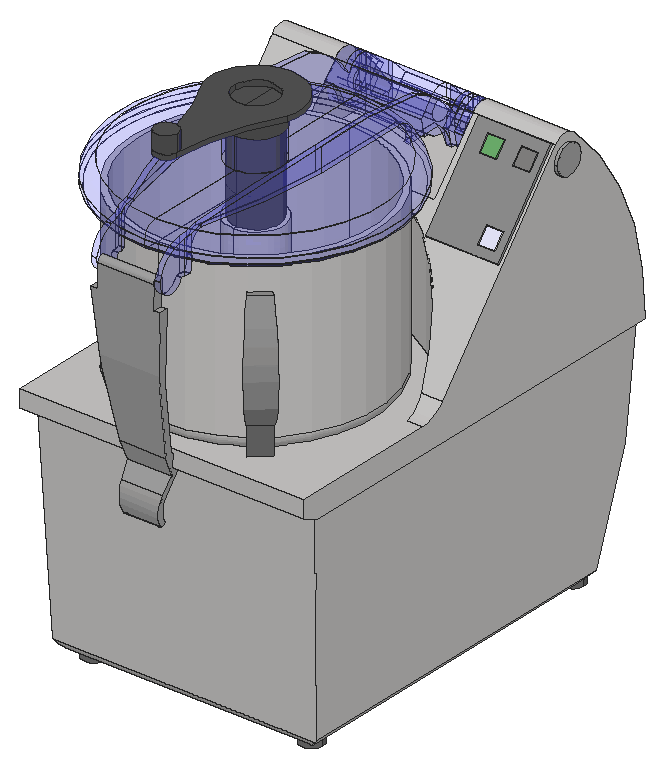
Revit family "QF_ELECTROLUXPROFESSIONAL_600507_K45YVVI", category Specialty Equipment, Revit 2018
Family settings
  Round Connector Dimension = Use Diameter
  Part Type = Normal
  Work Plane-Based = No
  Always vertical = Yes
  Cut with Voids When Loaded = No
  Shared = No
  Room Calculation Point = No
Parameters (values of type "Standard")
  Weight = 22.00 kg
  Watts = 0 W
  Volts = 200 V
  URL Manufacturer = "http://professional.electrolux.com"
  URL = "http://professional.electrolux.com"
  Steam Supply Size = 0 mm
  Steam Supply Minimum Pressure = 0.0 Pa
  Steam Supply Maximum Pressure = 0.0 Pa
  Steam Pounds per Hour = 0
  Refrigeration Suction Line Size = 0.0 mm
  Refrigeration Liquid Line Size = 0.0 mm
  Refrigerant Compressor Remote = yes
  Manufacturer = "Electrolux Professional"
  Phase = 1
  Model = "K45YVVI"
  Length Actual = 256.0 mm  # constant formula
  Item Number = "600507"
  Hot Water Size = 0 mm
  Height Actual = 482.0 mm  # constant formula
  HP = "1.3 HP"
  Gas Size = 0 mm
  Gas KW = 0
  Gas Input Pressure = 0 W
  Direct Waste Size = 0 mm
  Description = "CUTTER-MIXER 4.5L-MICROTOOTHED BLADE-VARIAB.SPEED-1000W-200-240V/1N/50-60 CB APPROVED, SCHUKO PLUG"
  Depth Actual = 415.0 mm  # constant formula
  Cycle = 50 Hz
  Condensate Return Size = 0 mm
  Compressed Air Volume = 0.0 L/s
  Compressed Air Size = 0 mm
  Compressed Air Pressure = 0.0 Pa
  Cold Water Size = 0 mm
  Accessory = yes
Reference planes
  plane 1 "Center (Front/Back)": y = 0
  plane 2: z = 0
  plane 3 "Center (Left/Right)": x = 0
  plane 4 "BASE": z = 6
  plane 5 "TOP": z = 685
  plane 6 "FRONT": y = -207.5
  plane 7 "BACK": y = 207.5
  plane 8 "LEFT": x = -128
  plane 9 "RIGHT": x = 128
  plane 10 "CenterX": x = -10
  plane 11 "Maniglia": through (-10, -59.177, 4000) normal (0.766, 0.6428, 0)
  plane 12 "Panel": through (4267.2, 107.252, 388.448) normal (0, 0.766, -0.6428)
  plane 13: z = 470
Forms (mm)
  Extrusion 1, solid, material "QF_Finishes_Stainless Steel"
    sketch origin (0, 0, 0) x (0, 1, 0) y (0, 0, 1)
      loop
        arc (155.897, 6) -> (160.37, 10.596) -> (163.359, 16.27) r 22.417
        arc (163.359, 16.27) -> (192.273, 107.896) -> (201.98, 203.483) r 470.678
        line (201.98, 203.483) -> (-161.42, 203.483)
        arc (-161.42, 203.483) -> (-159.547, 108.877) -> (-151.391, 14.604) r 1423.016
        arc (-151.391, 14.604) -> (-146.603, 8.365) -> (-139.103, 6) r 13.076
        line (-139.103, 6) -> (155.897, 6)
    from -128 to 128
  Extrusion 2, void
    sketch origin (0, -207.5, 0) x (-1, 0, 0) y (0, 0, 1)
      loop
        line (128, 203.483) -> (125, 203.483) -> (119.389, 16.27) -> (109.119, 6) -> (128, 6) -> (128, 203.483)
      loop
        line (-128, 203.483) -> (-128, 6) -> (-109.119, 6) -> (-119.389, 16.27) -> (-125, 203.483) -> (-128, 203.483)
    from 14.374 to 435.947
  Extrusion 3, solid, material "QF_Finishes_Stainless Steel"
    sketch origin (0, 0, 0) x (0, 1, 0) y (0, 0, 1)
      loop
        arc (207.5, 203.483) -> (187.745, 305.45) -> (127.203, 389.844) r 242.898
        arc (127.203, 389.844) -> (116.931, 393.38) -> (107.252, 388.448) r 13.902
        line (107.252, 388.448) -> (-20.106, 236.67)
        arc (-20.106, 236.67) -> (-30.264, 228.875) -> (-42.764, 226.104) r 29.578
        line (-42.764, 226.104) -> (-177.764, 226.104) -> (-177.764, 211.104) -> (-161.42, 203.483) -> (207.5, 203.483)
    from -128 to 128
  Extrusion 4, void
    sketch origin (0, -207.5, 0) x (-1, 0, 0) y (0, 0, 1)
      loop
        line (-53.607, 393.414) -> (-53.607, 336.684) -> (71.073, 336.684) -> (71.073, 393.414) -> (-53.607, 393.414)
    from 255.469 to 415
  Revolve 5, solid, material "QF_Plastic-Black"
    sketch origin (-10, 0, 0) x (0, -1, 0) y (0, 0, 1)
      loop
        line (59.177, 450.527) -> (28.516, 450.527) -> (35.424, 443.619) -> (35.424, 430.527) -> (38.194, 430.527) -> (38.194, 356.104) -> (59.177, 356.104) -> (59.177, 450.527)
      axis (59.177, 356.104) -> (59.177, 450.527)
    angle from 0 to 360
  Extrusion 6, solid, material "QF_Plastic-Black"
    sketch origin (0, 0, 0) x (1, 0, 0) y (0, 1, 0)
      loop
        arc (-48.167, -71.147) -> (-28.951, -114.517) -> (-19.956, -161.093) r 210.055
        arc (-19.956, -161.093) -> (-10, -170.155) -> (-0.044, -161.093) r 10
        arc (-0.044, -161.093) -> (8.951, -114.517) -> (28.167, -71.147) r 210.055
        arc (28.167, -71.147) -> (-10, -19.177) -> (-48.167, -71.147) r 40
    from 450.5 to 455
  Extrusion 7, solid, material "QF_Plastic-Black"
    sketch origin (0, 0, 0) x (1, 0, 0) y (0, 1, 0)
      loop
        circle (-10, -160.155) r 10
    from 455 to 470
  Extrusion 8, void
    sketch origin (0, 0, 0) x (1, 0, 0) y (0, 1, 0)
      loop
        circle (-10, -59.177) r 19
    from 427.6 to 472.8
  Extrusion 9, void
    sketch origin (0, 0, 0) x (1, 0, 0) y (0, 1, 0)
      loop
        arc (115, -59.177) -> (-10, 65.823) -> (-135, -59.177) r 125
        line (-135, -59.177) -> (115, -59.177)
    from 226.104 to 336.684
  Extrusion 10, void
    sketch origin (-20, 0, 0) x (-1, 0, 0) y (0, -1, 0)
      loop
        line (16.15, 177.864) -> (16.15, -123.86) -> (35.771, -123.86) -> (35.771, 48.192)
        arc (35.771, 48.192) -> (30.047, 105.502) -> (17.781, 161.776) r 500.876
        line (17.781, 161.776) -> (17.781, 171.776) -> (16.15, 177.864)
      loop
        line (40.771, -123.86) -> (45.852, -123.86) -> (45.852, 210.681) -> (21.15, 210.681) -> (21.15, 178.522) -> (22.781, 172.434) -> (22.781, 162.459)
        arc (22.781, 162.459) -> (35.047, 105.893) -> (40.771, 48.297) r 505.876
        line (40.771, 48.297) -> (40.771, -123.86)
    from 350.345 to 477.521
  Extrusion 11, solid, material "Glass"
    sketch origin (-20, 0, 0) x (0, 1, 0) y (0, 0, -1)
      loop
        line (-173.064, -369.647) -> (-181.303, -369.647)
        arc (-181.303, -369.647) -> (-196.341, -361.818) -> (-205.451, -376.117) r 12.548
        arc (-205.451, -376.117) -> (-199.87, -388.651) -> (-189.058, -397.099) r 28.357
        arc (-189.058, -397.099) -> (-65.868, -423.241) -> (59.99, -418.888) r 518.061
        arc (59.99, -418.888) -> (85.116, -404.522) -> (104.437, -382.973) r 90.696
        arc (104.437, -382.973) -> (113.885, -392.821) -> (127.203, -389.844) r 13.902
        arc (127.203, -389.844) -> (135.322, -382.188) -> (143.082, -374.167) r 242.898
        line (143.082, -374.167) -> (137.378, -368.464)
        arc (137.378, -368.464) -> (123.613, -353.84) -> (104.088, -358.543) r 20
        line (104.088, -358.543) -> (99.34, -358.543)
        arc (99.34, -358.543) -> (94.194, -371.609) -> (85.823, -382.884) r 53.446
        line (85.823, -382.884) -> (50.823, -382.884)
        arc (50.823, -382.884) -> (52.796, -383.701) -> (53.614, -385.674) r 2.79
        line (53.614, -385.674) -> (53.614, -390.892)
        arc (53.614, -390.892) -> (50.154, -399.244) -> (41.802, -402.703) r 11.812
        line (41.802, -402.703) -> (-160.307, -402.703)
        arc (-160.307, -402.703) -> (-168.659, -399.244) -> (-172.119, -390.892) r 11.812
        line (-172.119, -390.892) -> (-172.119, -385.826)
        arc (-172.119, -385.826) -> (-171.728, -384.361) -> (-170.659, -383.285) r 2.942
        line (-170.659, -383.285) -> (-173.064, -369.647)
      loop
        circle (117.901, -373.007) r 9.416
    from 16.15 to 45.852
  Extrusion 12, solid, material "Glass"
    sketch origin (0, 0, 0) x (0, 1, 0) y (0, 0, 1)
      loop
        line (137.378, 368.464) -> (143.082, 374.167)
        arc (143.082, 374.167) -> (135.322, 382.188) -> (127.203, 389.844) r 242.898
        arc (127.203, 389.844) -> (116.931, 393.38) -> (107.252, 388.448) r 13.902
        line (107.252, 388.448) -> (95.766, 374.76)
        arc (95.766, 374.76) -> (97.862, 366.72) -> (99.34, 358.543) r 108.872
        line (99.34, 358.543) -> (104.088, 358.543)
        arc (104.088, 358.543) -> (123.613, 353.84) -> (137.378, 368.464) r 20
      loop
        circle (117.901, 373.007) r 9.416
    from -71.073 to 53.607
  Extrusion 13, solid, material "QF_Finishes_Gray"
    sketch origin (0, 0, 0) x (0, 1, 0) y (0, 0, 1)
      loop
        arc (-182.273, 168.111) -> (-185.377, 178.111) -> (-182.273, 188.111) r 17.658
        line (-182.273, 188.111) -> (-169.592, 207.294) -> (-177.764, 211.104) -> (-177.764, 222.201) -> (-180.378, 224.815)
        arc (-180.378, 224.815) -> (-194.973, 298.318) -> (-196.805, 373.235) r 437.299
        arc (-196.805, 373.235) -> (-201.296, 377.726) -> (-205.788, 373.235) r 4.491
        arc (-205.788, 373.235) -> (-201.07, 296.739) -> (-185.461, 221.705) r 534.528
        line (-185.461, 221.705) -> (-177.764, 203.503) -> (-186.394, 190.943)
        arc (-186.394, 190.943) -> (-190.377, 178.111) -> (-186.394, 165.28) r 22.658
        arc (-186.394, 165.28) -> (-182.917, 164.635) -> (-182.273, 168.111) r 2.5
    from -49.646 to 27.326
  Extrusion 14, void
    sketch origin (0, -207.5, 0) x (-1, 0, 0) y (0, 0, 1)
      loop
        line (-15.15, 396.938) -> (-47.326, 396.938) -> (-47.326, 161.938) -> (-5.366, 161.938) -> (-20.516, 351.652) -> (-15.15, 351.652) -> (-15.15, 396.938)
      loop
        line (26.963, 161.938) -> (77.918, 161.938) -> (77.918, 396.938) -> (35.15, 396.938) -> (35.15, 351.652) -> (42.113, 351.652) -> (26.963, 161.938)
    from 46.08 to -69.339
  Extrusion 15, solid, material "Glass"
    sketch origin (0, 0, 0) x (0, 1, 0) y (0, 0, 1)
      loop
        line (-173.064, 369.647) -> (-170.659, 383.285)
        arc (-170.659, 383.285) -> (-171.728, 384.361) -> (-172.119, 385.826) r 2.942
        line (-172.119, 385.826) -> (-172.119, 390.892)
        arc (-172.119, 390.892) -> (-168.659, 399.244) -> (-160.307, 402.703) r 11.812
        line (-160.307, 402.703) -> (41.802, 402.703)
        arc (41.802, 402.703) -> (50.154, 399.244) -> (53.614, 390.892) r 11.812
        line (53.614, 390.892) -> (53.614, 385.674)
        arc (53.614, 385.674) -> (52.796, 383.701) -> (50.823, 382.884) r 2.79
        line (50.823, 382.884) -> (85.823, 382.884)
        arc (85.823, 382.884) -> (94.194, 371.609) -> (99.34, 358.543) r 53.446
        line (99.34, 358.543) -> (104.088, 358.543)
        arc (104.088, 358.543) -> (123.613, 353.84) -> (137.378, 368.464) r 20
        line (137.378, 368.464) -> (143.082, 374.167)
        arc (143.082, 374.167) -> (135.322, 382.188) -> (127.203, 389.844) r 242.898
        arc (127.203, 389.844) -> (113.885, 392.821) -> (104.437, 382.973) r 13.902
        arc (104.437, 382.973) -> (85.116, 404.522) -> (59.99, 418.888) r 90.696
        arc (59.99, 418.888) -> (-65.868, 423.241) -> (-189.058, 397.099) r 518.061
        arc (-189.058, 397.099) -> (-199.87, 388.651) -> (-205.451, 376.117) r 28.357
        arc (-205.451, 376.117) -> (-196.341, 361.818) -> (-181.303, 369.647) r 12.548
        line (-181.303, 369.647) -> (-173.064, 369.647)
      loop
        circle (117.901, 373.007) r 9.416
    from 16.15 to 45.852
  Extrusion 16, void
    sketch origin (0, 0, 0) x (1, 0, 0) y (0, 1, 0)
      loop
        line (16.15, -177.864) -> (17.781, -171.776) -> (17.781, -161.776)
        arc (17.781, -161.776) -> (30.047, -105.502) -> (35.771, -48.192) r 500.876
        line (35.771, -48.192) -> (35.771, 123.86) -> (16.15, 123.86) -> (16.15, -177.864)
      loop
        line (40.771, 123.86) -> (40.771, -48.297)
        arc (40.771, -48.297) -> (35.047, -105.893) -> (22.781, -162.459) r 505.876
        line (22.781, -162.459) -> (22.781, -172.434) -> (21.15, -178.522) -> (21.15, -210.681) -> (45.852, -210.681) -> (45.852, 123.86) -> (40.771, 123.86)
    from 350.345 to 477.521
  Revolve 17, solid, material "Glass"
    sketch origin (-10, 0, -40) x (0, -1, 0) y (0, 0, 1)
      loop
        line (38.194, 422.884) -> (38.194, 470.527) -> (35.424, 470.527) -> (35.424, 442.703) -> (-53.802, 442.703)
        arc (-53.802, 442.703) -> (-62.213, 439.268) -> (-65.732, 430.892) r 11.871
        line (-65.732, 430.892) -> (-65.732, 425.793)
        arc (-65.732, 425.793) -> (-64.88, 423.736) -> (-62.823, 422.884) r 2.909
        line (-62.823, 422.884) -> (38.194, 422.884)
      axis (59.177, 422.884) -> (59.177, 470.527)
    angle from 0 to 360
  Revolve 18, solid, material "QF_Metal-Stainless-Polished"
    sketch origin (-10, 0, 0) x (0, -1, 0) y (0, 0, 1)
      loop
        line (169.177, 382.884) -> (164.177, 382.884) -> (164.177, 237.884)
        arc (164.177, 237.884) -> (162.191, 233.09) -> (157.397, 231.104) r 6.78
        line (157.397, 231.104) -> (84.177, 231.104) -> (84.177, 356.104) -> (79.177, 356.104) -> (79.177, 226.104) -> (157.397, 226.104)
        arc (157.397, 226.104) -> (165.726, 229.554) -> (169.177, 237.884) r 11.78
        line (169.177, 237.884) -> (169.177, 382.884)
      axis (59.177, 382.884) -> (59.177, 226.104)
    angle from 0 to 360
  Extrusion 19, solid, material "QF_Plastic-Gray-Matte"
    sketch origin (-49.423, -13.925, 0) x (0.634002, 0.773331, 0) y (-0.773331, 0.634002, 0)
      loop
        line (-55.497, -222.333) -> (-26.468, -227.794) -> (-20.635, -161.119)
        arc (-20.635, -161.119) -> (-28.727, -159.898) -> (-36.729, -158.185) r 133.529
        line (-36.729, -158.185) -> (-55.497, -222.333)
    from 226.104 to 356.104
  Revolve 20, void
    sketch origin (-35.007, -29.374, 0) x (-0.642788, 0.766044, 0) y (0, 0, 1)
      loop
        arc (-155.215, 337.579) -> (-171.344, 302.579) -> (-155.215, 267.579) r 46.04
        line (-155.215, 267.579) -> (-147.754, 267.579) -> (-147.754, 337.579) -> (-155.215, 337.579)
      loop
        line (-155.215, 356.104) -> (-147.754, 356.104) -> (-147.754, 361.761) -> (-215.215, 361.761) -> (-215.215, 226.104) -> (-147.754, 226.104) -> (-147.754, 256.485) -> (-163.93, 256.485)
        arc (-163.93, 256.485) -> (-184.453, 308.471) -> (-155.215, 356.104) r 62.537
      axis (10, 361.761) -> (10, 226.104)
    angle from -8.217 to 8.652
  Extrusion 21, solid, material "QF_Finishes_Rubber Black"
    sketch origin (0, 0, 0) x (1, 0, 0) y (0, 1, 0)
      loop
        arc (57.446, -154.071) -> (64.931, -148.135) -> (72.061, -141.775) r 165.215
        line (72.061, -141.775) -> (66.401, -136.116)
        arc (66.401, -136.116) -> (59.824, -141.977) -> (52.928, -147.46) r 157.215
        line (52.928, -147.46) -> (57.446, -154.071)
    from 226.104 to 256.485
  Extrusion 22, solid, material "QF_Plastic-Gray-Matte"
    sketch origin (0, -128.336, 107.686) x (0, 0.642788, 0.766044) y (1, 0, 0)
      loop
        line (366.07, 59.066) -> (366.07, 124.8) -> (272.743, 124.8) -> (272.743, 59.066) -> (366.07, 59.066)
      loop
        line (356.63, 102.599) -> (356.63, 117.599) -> (341.63, 117.599) -> (341.63, 102.599) -> (356.63, 102.599)
      loop
        line (295.63, 102.599) -> (295.63, 117.599) -> (280.63, 117.599) -> (280.63, 102.599) -> (295.63, 102.599)
      loop
        line (356.63, 72.599) -> (356.63, 87.599) -> (341.63, 87.599) -> (341.63, 72.599) -> (356.63, 72.599)
    from -1 to 0.6
  Extrusion 23, solid, material "QF_Finishes_Red"
    sketch origin (0, -128.336, 107.686) x (0, 0.642788, 0.766044) y (1, 0, 0)
      loop
        line (356.63, 102.599) -> (356.63, 117.599) -> (341.63, 117.599) -> (341.63, 102.599) -> (356.63, 102.599)
    from -1 to 0.6
  Extrusion 24, solid, material "QF_Finishes_Green"
    sketch origin (-27.396, -127.834, 108.284) x (0, 0.642788, 0.766044) y (1, 0, 0)
      loop
        line (355.85, 99.994) -> (355.85, 114.994) -> (340.786, 114.994) -> (340.786, 99.994) -> (355.85, 99.994)
    from -1 to 0.6
  Extrusion 25, solid, material "QF_Plastic-White-Matte"
    sketch origin (0, -167.546, 60.958) x (0, 0.642788, 0.766044) y (1, 0, 0)
      loop
        line (356.63, 102.599) -> (356.63, 117.599) -> (341.63, 117.599) -> (341.63, 102.599) -> (356.63, 102.599)
    from -1 to 0.6
  Extrusion 26, solid, material "QF_Finishes_Stainless Steel"
    sketch origin (0, 207.5, 0) x (-1, 0, 0) y (0, 0, 1)
      loop
        circle (0, 202) r 10.353
    from -6.2 to 3
  Revolve 27, solid, material "QF_Door-Drawer Clearances", detail levels coarse
    sketch origin (-10, -221.856, 479.549) x (0, 0, 1) y (0, 1, 0)
      loop
        line (59.177, 490.527) -> (28.516, 490.527) -> (35.424, 483.619) -> (35.424, 470.527) -> (38.194, 470.527) -> (38.194, 442.703) -> (59.177, 442.703) -> (59.177, 490.527)
      axis (59.177, 442.703) -> (59.177, 490.527)
    angle from 0 to 360
  Extrusion 28, solid, material "QF_Door-Drawer Clearances", detail levels coarse
    sketch origin (0, -221.856, 479.549) x (1, 0, 0) y (0, 0, -1)
      loop
        arc (-48.167, -71.147) -> (-28.951, -114.517) -> (-19.956, -161.093) r 210.055
        arc (-19.956, -161.093) -> (-10, -170.155) -> (-0.044, -161.093) r 10
        arc (-0.044, -161.093) -> (8.951, -114.517) -> (28.167, -71.147) r 210.055
        arc (28.167, -71.147) -> (-10, -19.177) -> (-48.167, -71.147) r 40
    from 490.527 to 495.013
  Extrusion 29, solid, material "QF_Door-Drawer Clearances", detail levels coarse
    sketch origin (0, -221.856, 479.549) x (1, 0, 0) y (0, 0, -1)
      loop
        circle (-10, -160.155) r 10
    from 495.013 to 510.592
  Extrusion 30, void
    sketch origin (-20, -221.856, 479.359) x (-1, 0, 0) y (0, 0, 1)
      loop
        line (16.15, 177.864) -> (16.15, -123.86) -> (35.771, -123.86) -> (35.771, 48.192)
        arc (35.771, 48.192) -> (30.047, 105.502) -> (17.781, 161.776) r 500.876
        line (17.781, 161.776) -> (17.781, 171.776) -> (16.15, 177.864)
      loop
        line (40.771, -123.86) -> (45.852, -123.86) -> (45.852, 210.681) -> (21.15, 210.681) -> (21.15, 178.522) -> (22.781, 172.434) -> (22.781, 162.459)
        arc (22.781, 162.459) -> (35.047, 105.893) -> (40.771, 48.297) r 505.876
        line (40.771, 48.297) -> (40.771, -123.86)
    from 350.345 to 477.521
  Extrusion 31, solid, material "QF_Door-Drawer Clearances", detail levels coarse
    sketch origin (-20, -221.856, 479.359) x (0, 0, -1) y (0, -1, 0)
      loop
        line (-173.064, -409.647) -> (-181.303, -409.647)
        arc (-181.303, -409.647) -> (-196.341, -401.818) -> (-205.451, -416.117) r 12.548
        arc (-205.451, -416.117) -> (-199.87, -428.651) -> (-189.058, -437.099) r 28.357
        arc (-189.058, -437.099) -> (-65.868, -463.241) -> (59.99, -458.888) r 518.061
        arc (59.99, -458.888) -> (92.246, -438.11) -> (113.023, -405.855) r 90.696
        arc (113.023, -405.855) -> (114.903, -399.662) -> (115.972, -393.28) r 50.278
        arc (115.972, -393.28) -> (121.968, -392.806) -> (127.203, -389.844) r 13.902
        arc (127.203, -389.844) -> (129.309, -387.924) -> (131.393, -385.98) r 242.898
        arc (131.393, -385.98) -> (114.739, -373.307) -> (99.238, -359.247) r 242.898
        arc (99.238, -359.247) -> (87.934, -393.903) -> (65.823, -422.884) r 108.872
        line (65.823, -422.884) -> (50.823, -422.884)
        arc (50.823, -422.884) -> (52.796, -423.701) -> (53.614, -425.674) r 2.79
        line (53.614, -425.674) -> (53.614, -430.892)
        arc (53.614, -430.892) -> (50.154, -439.244) -> (41.802, -442.703) r 11.812
        line (41.802, -442.703) -> (-160.307, -442.703)
        arc (-160.307, -442.703) -> (-168.659, -439.244) -> (-172.119, -430.892) r 11.812
        line (-172.119, -430.892) -> (-172.119, -425.826)
        arc (-172.119, -425.826) -> (-171.728, -424.361) -> (-170.659, -423.285) r 2.942
        line (-170.659, -423.285) -> (-173.064, -409.647)
    from 16.15 to 45.852
  Extrusion 32, void
    sketch origin (0, -221.856, 479.359) x (1, 0, 0) y (0, 0, -1)
      loop
        line (16.15, -177.864) -> (17.781, -171.776) -> (17.781, -161.776)
        arc (17.781, -161.776) -> (30.047, -105.502) -> (35.771, -48.192) r 500.876
        line (35.771, -48.192) -> (35.771, 123.86) -> (16.15, 123.86) -> (16.15, -177.864)
      loop
        line (40.771, 123.86) -> (40.771, -48.297)
        arc (40.771, -48.297) -> (35.047, -105.893) -> (22.781, -162.459) r 505.876
        line (22.781, -162.459) -> (22.781, -172.434) -> (21.15, -178.522) -> (21.15, -210.681) -> (45.852, -210.681) -> (45.852, 123.86) -> (40.771, 123.86)
    from 350.345 to 477.521
  Extrusion 33, solid, material "QF_Door-Drawer Clearances", detail levels coarse
    sketch origin (0, -221.856, 479.359) x (0, 0, -1) y (0, 1, 0)
      loop
        line (-173.064, 409.647) -> (-170.659, 423.285)
        arc (-170.659, 423.285) -> (-171.728, 424.361) -> (-172.119, 425.826) r 2.942
        line (-172.119, 425.826) -> (-172.119, 430.892)
        arc (-172.119, 430.892) -> (-168.659, 439.244) -> (-160.307, 442.703) r 11.812
        line (-160.307, 442.703) -> (41.802, 442.703)
        arc (41.802, 442.703) -> (50.154, 439.244) -> (53.614, 430.892) r 11.812
        line (53.614, 430.892) -> (53.614, 425.674)
        arc (53.614, 425.674) -> (52.796, 423.701) -> (50.823, 422.884) r 2.79
        line (50.823, 422.884) -> (65.823, 422.884)
        arc (65.823, 422.884) -> (87.934, 393.903) -> (99.238, 359.247) r 108.872
        arc (99.238, 359.247) -> (114.739, 373.307) -> (131.393, 385.98) r 242.898
        arc (131.393, 385.98) -> (129.309, 387.924) -> (127.203, 389.844) r 242.898
        arc (127.203, 389.844) -> (121.968, 392.806) -> (115.972, 393.28) r 13.902
        arc (115.972, 393.28) -> (114.903, 399.662) -> (113.023, 405.855) r 50.278
        arc (113.023, 405.855) -> (92.246, 438.11) -> (59.99, 458.888) r 90.696
        arc (59.99, 458.888) -> (-65.868, 463.241) -> (-189.058, 437.099) r 518.061
        arc (-189.058, 437.099) -> (-199.87, 428.651) -> (-205.451, 416.117) r 28.357
        arc (-205.451, 416.117) -> (-196.341, 401.818) -> (-181.303, 409.647) r 12.548
        line (-181.303, 409.647) -> (-173.064, 409.647)
    from 16.15 to 45.852
  Revolve 34, solid, material "QF_Door-Drawer Clearances", detail levels coarse
    sketch origin (-10, -221.856, 479.549) x (0, 0, 1) y (0, 1, 0)
      loop
        line (38.194, 422.884) -> (38.194, 470.527) -> (35.424, 470.527) -> (35.424, 442.703) -> (-53.802, 442.703)
        arc (-53.802, 442.703) -> (-62.213, 439.268) -> (-65.732, 430.892) r 11.871
        line (-65.732, 430.892) -> (-65.732, 425.793)
        arc (-65.732, 425.793) -> (-64.88, 423.736) -> (-62.823, 422.884) r 2.909
        line (-62.823, 422.884) -> (38.194, 422.884)
      axis (59.177, 422.884) -> (59.177, 470.527)
    angle from 0 to 360
  Extrusion 35, solid, material "QF_Finishes_Rubber Black"
    sketch origin (0, 0, 0) x (1, 0, 0) y (0, 1, 0)
      loop
        circle (-98.592, 163.359) r 10
      loop
        circle (-98.592, -131.641) r 10
      loop
        circle (98.592, 163.359) r 10
      loop
        circle (98.592, -131.641) r 10
    from 0 to 6
  Extrusion 36, solid, material "QF_Finishes_Gray"
    sketch origin (0, 0, 0) x (0, 1, 0) y (0, 0, 1)
      loop
        circle (117.901, 373.007) r 13.005
    from 131.516 to 128
  Extrusion 37, solid, material "QF_Finishes_Gray"
    sketch origin (0, 0, 0) x (0, 1, 0) y (0, 0, -1)
      loop
        circle (117.901, -373.007) r 13.005
    from 131.516 to 128
Cuts and joins
  Extrusion 2, Extrusion 8, Extrusion 9 cuts Extrusion 1
  Extrusion 4, Extrusion 9 cuts Extrusion 3
  Extrusion 8 cuts Extrusion 6
  Extrusion 10, Extrusion 16, Extrusion 30, Extrusion 32 cuts Extrusion 11
  Extrusion 14, Extrusion 16, Extrusion 30 cuts Extrusion 13
  Extrusion 16, Extrusion 30, Extrusion 32 cuts Extrusion 12
  Extrusion 16 cuts Extrusion 15
  Revolve 20 cuts Extrusion 19
  Extrusion 30 cuts Revolve 17
  Extrusion 30 cuts Revolve 18
  Extrusion 30, Extrusion 32 cuts Extrusion 31
  Extrusion 32 cuts Extrusion 33
Lines and regions (mm)
  symbolic lines
    curve 1: arc (-10, -172.155, 0) -> (3.999, -171.284, 0) -> (17.781, -168.686, 0) r 112.979
    curve 2: arc (-10, -184.085, 0) -> (-23.148, -183.391, 0) -> (-36.15, -181.317, 0) r 124.909
    curve 3: line (128, -157.764, 0) -> (128, 187.57, 0)
    curve 4: line (124.8, 106.204, 0) -> (59.066, 106.204, 0)
    curve 5: line (102.599, 90.494, 0) -> (117.599, 90.494, 0)
    curve 6: line (117.599, 62.151, 0) -> (102.599, 62.151, 0)
    curve 7: line (102.599, 51.284, 0) -> (117.599, 51.284, 0)
    curve 8: line (102.599, 62.151, 0) -> (102.599, 51.284, 0)
    curve 9: line (117.599, 51.284, 0) -> (117.599, 62.151, 0)
    curve 10: line (117.599, 90.494, 0) -> (117.599, 101.361, 0)
    curve 11: line (102.599, 101.361, 0) -> (102.599, 90.494, 0)
    curve 12: arc (-0.044, -161.093, 0) -> (8.951, -114.517, 0) -> (28.167, -71.147, 0) r 210.055
    curve 13: arc (28.167, -71.147, 0) -> (-10, -19.177, 0) -> (-48.167, -71.147, 0) r 40
    curve 14: arc (-48.167, -71.147, 0) -> (-28.951, -114.517, 0) -> (-19.956, -161.093, 0) r 210.055
    curve 15: arc (-19.956, -161.093, 0) -> (-10, -170.155, 0) -> (-0.044, -161.093, 0) r 10
    curve 16: arc (0, -160.155, 0) -> (-10, -150.155, 0) -> (-20, -160.155, 0) r 10
    curve 17: arc (-55.771, -48.192, 0) -> (-50.047, -105.502, 0) -> (-37.781, -161.776, 0) r 500.876
    curve 18: arc (-42.781, -162.459, 0) -> (-55.047, -105.893, 0) -> (-60.771, -48.297, 0) r 505.876
    curve 19: line (-55.771, 123.86, 0) -> (-55.771, -48.192, 0)
    curve 20: line (-60.771, -48.297, 0) -> (-60.771, 123.86, 0)
    curve 21: line (40.771, 123.86, 0) -> (40.771, -48.297, 0)
    curve 22: line (35.771, -48.192, 0) -> (35.771, 123.86, 0)
    curve 23: arc (40.771, -48.297, 0) -> (35.047, -105.893, 0) -> (22.781, -162.459, 0) r 505.876
    curve 24: arc (17.781, -161.776, 0) -> (30.047, -105.502, 0) -> (35.771, -48.192, 0) r 500.876
    curve 25: line (22.781, -162.459, 0) -> (22.781, -172.434, 0)
    curve 26: line (17.781, -171.776, 0) -> (17.781, -161.776, 0)
    curve 27: line (16.15, -177.864, 0) -> (17.781, -171.776, 0)
    curve 28: line (22.781, -172.434, 0) -> (21.15, -178.522, 0)
    curve 29: line (21.15, -178.522, 0) -> (21.15, -205.641, 0)
    curve 30: line (-37.781, -161.776, 0) -> (-37.781, -171.776, 0)
    curve 31: line (-42.781, -172.434, 0) -> (-42.781, -162.459, 0)
    curve 32: line (-41.15, -178.522, 0) -> (-42.781, -172.434, 0)
    curve 33: line (-37.781, -171.776, 0) -> (-36.15, -177.864, 0)
    curve 34: line (-41.15, -205.641, 0) -> (-41.15, -178.522, 0)
    curve 35: spline (22.008, -197.61, 0) -> (21.937, -197.617, 0) -> (21.865, -197.622, 0) -> (21.794, -197.626, 0) -> (21.722, -197.627, 0) -> (21.651, -197.627, 0) -> (21.579, -197.625, 0) -> (21.508, -197.621, 0) -> (21.436, -197.615, 0) -> (21.365, -197.608, 0) -> (21.293, -197.598, 0) -> (21.222, -197.587, 0) -> (21.15, -197.574, 0)
    curve 36: line (-71.073, 171.51, 0) -> (53.607, 171.51, 0)
    curve 37: line (59.066, 46.214, 0) -> (124.8, 46.214, 0)
    curve 38: line (59.066, 106.204, 0) -> (59.066, 46.214, 0)
    curve 39: line (124.8, 46.214, 0) -> (124.8, 107.429, 0)
    curve 40: line (53.607, 48.324, 0) -> (53.607, 171.51, 0)
    curve 41: line (-71.073, 171.51, 0) -> (-71.073, 49.783, 0)
    curve 42: arc (40.771, 54.948, 0) -> (114.476, -69.566, 0) -> (21.15, -180.138, 0) r 124.909
    curve 43: arc (-60.771, 41.751, 0) -> (-122.562, -68.863, 0) -> (-42.781, -167.295, 0) r 112.979
    curve 44: line (93.154, -162.392, 0) -> (78.293, -147.531, 0)
    curve 45: line (93.154, -162.392, 0) -> (74.048, -178.424, 0)
    curve 46: line (74.048, -178.424, 0) -> (61.96, -161.274, 0)
    curve 47: arc (-37.781, -168.686, 0) -> (-23.999, -171.284, 0) -> (-10, -172.155, 0) r 112.979
    curve 48: arc (-41.15, -180.138, 0) -> (-94.625, -151.05, 0) -> (-128, -100.142, 0) r 124.909
    curve 49: arc (22.781, -167.295, 0) -> (102.562, -68.863, 0) -> (40.771, 41.751, 0) r 112.979
    curve 50: arc (16.15, -181.317, 0) -> (3.148, -183.391, 0) -> (-10, -184.085, 0) r 124.909
    curve 51: line (16.15, -205.242, 0) -> (16.15, -177.864, 0)
    curve 52: line (-36.15, -205.641, 0) -> (-36.15, -177.864, 0)
    curve 53: line (-41.15, -205.641, 0) -> (21.15, -205.641, 0)
    curve 54: line (22.008, -205.53, 0) -> (22.008, -197.61, 0)
    curve 55: line (22.008, -205.53, 0) -> (21.15, -205.53, 0)
    curve 56: spline (-42.008, -197.61, 0) -> (-41.937, -197.617, 0) -> (-41.865, -197.622, 0) -> (-41.794, -197.626, 0) -> (-41.722, -197.627, 0) -> (-41.651, -197.627, 0) -> (-41.579, -197.625, 0) -> (-41.508, -197.621, 0) -> (-41.436, -197.615, 0) -> (-41.365, -197.608, 0) -> (-41.293, -197.598, 0) -> (-41.222, -197.587, 0) -> (-41.15, -197.574, 0)
    curve 57: line (-42.008, -205.53, 0) -> (-42.008, -197.61, 0)
    curve 58: line (-42.008, -205.53, 0) -> (-41.15, -205.53, 0)
    curve 59: arc (-128, -18.211, 0) -> (-101.973, 25.34, 0) -> (-60.771, 54.948, 0) r 124.909
    curve 60: arc (-128, -100.142, 0) -> (-134.909, -59.177, 0) -> (-128, -18.211, 0) r 124.909
    curve 61: line (-108, -177.764, 0) -> (-49.233, -177.764, 0)
    curve 62: line (-128, 187.57, 0) -> (-128, -17.764, 0)
    curve 63: line (29.233, -177.764, 0) -> (108, -177.764, 0)
    curve 64: line (-128, -97.764, 0) -> (-128, -157.764, 0)
    curve 65: line (-108, 207.57, 0) -> (108, 207.57, 0)
    curve 66: arc (-128, -157.764, 0) -> (-122.142, -171.906, 0) -> (-108, -177.764, 0) r 20
    curve 67: arc (108, -177.764, 0) -> (122.142, -171.906, 0) -> (128, -157.764, 0) r 20
    curve 68: arc (128, 187.57, 0) -> (122.142, 201.713, 0) -> (108, 207.57, 0) r 20
    curve 69: arc (-108, 207.57, 0) -> (-122.142, 201.713, 0) -> (-128, 187.57, 0) r 20
    curve 70: line (45.852, 123.86, 0) -> (-71.073, 123.86, 0)
    curve 71: line (45.852, 137.378, 0) -> (-65.852, 137.378, 0)
    curve 72: line (45.852, 143.082, 0) -> (-65.852, 143.082, 0)
    curve 73: line (53.607, 123.86, 0) -> (45.852, 123.86, 0)
    curve 74: line (45.852, 123.86, 0) -> (45.852, 170.216, 0)
    curve 75: line (45.852, 170.216, 0) -> (-65.852, 170.216, 0)
    curve 76: line (-65.852, 170.216, 0) -> (-65.852, 123.86, 0)
    curve 77: line (102.599, 101.361, 0) -> (117.599, 101.361, 0)
    curve 78: line (72.599, 90.494, 0) -> (87.599, 90.494, 0)
    curve 79: line (87.599, 90.494, 0) -> (87.599, 101.361, 0)
    curve 80: line (72.599, 101.361, 0) -> (72.599, 90.494, 0)
    curve 81: line (72.599, 101.361, 0) -> (87.599, 101.361, 0)
Dimensions and locks
  plane 4 "BASE" to level = 6.0 mm
  plane 5 "TOP" to level = 685.0 mm  (x2)
  plane 8 "LEFT" to plane 3 "Center (Left/Right)" to plane 9 "RIGHT" = 128.0 mm, 128.0 mm
  plane 7 "BACK" to plane 1 "Center (Front/Back)" to plane 6 "FRONT" = 207.5 mm, 207.5 mm
  plane 7 "BACK" to plane 6 "FRONT" = 415.0 mm
  plane 8 "LEFT" to plane 9 "RIGHT" = 256.0 mm
  plane 10 "CenterX" to plane 3 "Center (Left/Right)" = 10.0 mm
  plane 13 to level = 470.0 mm
  aligned and locked: level to plane 2
  aligned and locked: Extrusion 22 sketch curve to Extrusion 23
Connectors
  electrical at (0, 210.5, 202)
    settings: on Extrusion 26, index 1, voltage 0 V, apparent load 0 VA, apparent load phase1 0 VA, apparent load phase2 0 VA, apparent load phase3 0 VA, power factor 1, load classification "Other", number of poles 1, system type 30, power factor state 1, is connector primary yes, connector utility no, sub classification motor no, connector description "Electrical connection"
